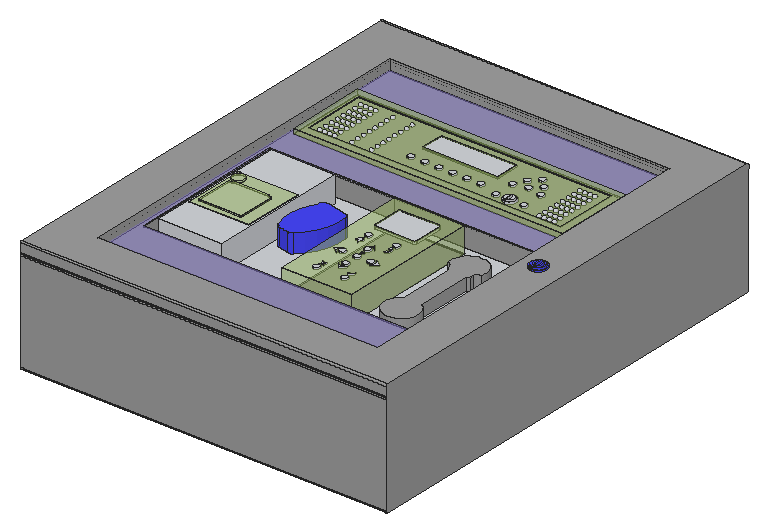
Revit family "Maxlogic Akıllı Adresli Yangın Alarm Santralı büyük kasa NPTA", category Fire Alarm Devices, host Face, Revit 2021 (continued)
Forms (mm)
  Extrusion 152, solid
    sketch origin (-360, 0, -50) x (1, 0, 0) y (0, 0, 1)
      loop
        arc (574.511, 96.743) -> (574.427, 95.036) -> (574.511, 93.33) r 17.356
        line (574.511, 93.33) -> (575.838, 93.33)
        arc (575.838, 93.33) -> (586.7, 84.067) -> (597.562, 93.33) r 11
        line (597.562, 93.33) -> (598.889, 93.33)
        arc (598.889, 93.33) -> (598.973, 95.036) -> (598.889, 96.743) r 17.356
        line (598.889, 96.743) -> (597.572, 96.743)
        arc (597.572, 96.743) -> (586.7, 106.067) -> (575.828, 96.743) r 11
    from -403.653 to -401.7
  Extrusion 153, solid
    sketch origin (-400, 0, -50) x (1, 0, 0) y (0, 0, 1)
      loop
        line (575.828, 96.743) -> (574.511, 96.743)
        arc (574.511, 96.743) -> (574.427, 95.036) -> (574.511, 93.33) r 17.356
        line (574.511, 93.33) -> (575.838, 93.33)
        arc (575.838, 93.33) -> (586.7, 84.067) -> (597.562, 93.33) r 11
        line (597.562, 93.33) -> (598.889, 93.33)
        arc (598.889, 93.33) -> (598.973, 95.036) -> (598.889, 96.743) r 17.356
        line (598.889, 96.743) -> (597.572, 96.743)
        arc (597.572, 96.743) -> (586.7, 106.067) -> (575.828, 96.743) r 11
    from -403.653 to -401.7
  Extrusion 154, solid
    sketch origin (-440, 0, -50) x (1, 0, 0) y (0, 0, 1)
      loop
        line (575.828, 96.743) -> (574.511, 96.743)
        arc (574.511, 96.743) -> (574.427, 95.036) -> (574.511, 93.33) r 17.356
        line (574.511, 93.33) -> (575.838, 93.33)
        arc (575.838, 93.33) -> (586.7, 84.067) -> (597.562, 93.33) r 11
        line (597.562, 93.33) -> (598.889, 93.33)
        arc (598.889, 93.33) -> (598.973, 95.036) -> (598.889, 96.743) r 17.356
        line (598.889, 96.743) -> (597.572, 96.743)
        arc (597.572, 96.743) -> (586.7, 106.067) -> (575.828, 96.743) r 11
    from -403.653 to -401.7
  Extrusion 155, solid
    sketch origin (-480, 0, 0) x (1, 0, 0) y (0, 0, 1)
      loop
        line (575.828, 96.743) -> (574.511, 96.743)
        arc (574.511, 96.743) -> (574.427, 95.036) -> (574.511, 93.33) r 17.356
        line (574.511, 93.33) -> (575.838, 93.33)
        arc (575.838, 93.33) -> (586.7, 84.067) -> (597.562, 93.33) r 11
        line (597.562, 93.33) -> (598.889, 93.33)
        arc (598.889, 93.33) -> (598.973, 95.036) -> (598.889, 96.743) r 17.356
        line (598.889, 96.743) -> (597.572, 96.743)
        arc (597.572, 96.743) -> (586.7, 106.067) -> (575.828, 96.743) r 11
    from -403.653 to -401.7
  Extrusion 156, solid
    sketch origin (-480, 0, -50) x (1, 0, 0) y (0, 0, 1)
      loop
        line (575.828, 96.743) -> (574.511, 96.743)
        arc (574.511, 96.743) -> (574.427, 95.036) -> (574.511, 93.33) r 17.356
        line (574.511, 93.33) -> (575.838, 93.33)
        arc (575.838, 93.33) -> (586.7, 84.067) -> (597.562, 93.33) r 11
        line (597.562, 93.33) -> (598.889, 93.33)
        arc (598.889, 93.33) -> (598.973, 95.036) -> (598.889, 96.743) r 17.356
        line (598.889, 96.743) -> (597.572, 96.743)
        arc (597.572, 96.743) -> (586.7, 106.067) -> (575.828, 96.743) r 11
    from -403.653 to -401.7
  Extrusion 157, solid
    sketch origin (-520, 0, 0) x (1, 0, 0) y (0, 0, 1)
      loop
        line (575.828, 96.743) -> (574.511, 96.743)
        arc (574.511, 96.743) -> (574.427, 95.036) -> (574.511, 93.33) r 17.356
        line (574.511, 93.33) -> (575.838, 93.33)
        arc (575.838, 93.33) -> (586.7, 84.067) -> (597.562, 93.33) r 11
        line (597.562, 93.33) -> (598.889, 93.33)
        arc (598.889, 93.33) -> (598.973, 95.036) -> (598.889, 96.743) r 17.356
        line (598.889, 96.743) -> (597.572, 96.743)
        arc (597.572, 96.743) -> (586.7, 106.067) -> (575.828, 96.743) r 11
    from -403.653 to -401.7
  Extrusion 158, solid
    sketch origin (-520, 0, -50) x (1, 0, 0) y (0, 0, 1)
      loop
        line (575.828, 96.743) -> (574.511, 96.743)
        arc (574.511, 96.743) -> (574.427, 95.036) -> (574.511, 93.33) r 17.356
        line (574.511, 93.33) -> (575.838, 93.33)
        arc (575.838, 93.33) -> (586.7, 84.067) -> (597.562, 93.33) r 11
        line (597.562, 93.33) -> (598.889, 93.33)
        arc (598.889, 93.33) -> (598.973, 95.036) -> (598.889, 96.743) r 17.356
        line (598.889, 96.743) -> (597.572, 96.743)
        arc (597.572, 96.743) -> (586.7, 106.067) -> (575.828, 96.743) r 11
    from -403.653 to -401.7
Cuts and joins
  Extrusion 6, Extrusion 8, Extrusion 108 cuts Extrusion 1
  Extrusion 8, Extrusion 106 cuts Extrusion 7
  Extrusion 110 cuts Extrusion 109
Dimensions and locks
  aligned and locked: plane 2 to host face
  aligned and locked: level to host face
Connectors
  electrical at (326.654, 387.95, 183.35)
    settings: on cut or joined group of Extrusion 1, Extrusion 6, Extrusion 8, Extrusion 108, index 1, voltage 0 V, apparent load 0 VA, apparent load phase1 0 VA, apparent load phase2 0 VA, apparent load phase3 0 VA, power factor 1, load classification "Other", number of poles 1, system type 31, power factor state 1, is connector primary yes, connector utility no, sub classification motor no, connector description ""
Types (18, lengths in mm): name | Product Code | Description
  (no name) | "ML-1250.NPTA" | "Akıllı Adresli Yangın Alarm Santralı, Çevrimsiz, Network,Printer, Telefon, Anons"
  Maxlogic Akıllı Adresli Yangın Alarm Santralı, Çevrimsiz, Network,Printer, Telefon, Anons | "ML-1250.NPTA" | "Akıllı Adresli Yangın Alarm Santralı, Çevrimsiz, Network,Printer, Telefon, Anons"
  Maxlogic Akıllı Adresli Yangın Alarm Santralı, 1 Çevrim, 127 Adres, Network,Printer, Telefon, Anons | "ML-1251.NPTA" | "Akıllı Adresli Yangın Alarm Santralı, 1 Çevrim, 127 Adres, Network,Printer, Telefon, Anons"
  Maxlogic Akıllı Adresli Yangın Alarm Santralı, 2 Çevrim, 254 Adres, Network,Printer, Telefon, Anons | "ML-1252.NPTA" | "Akıllı Adresli Yangın Alarm Santralı, 2 Çevrim, 254 Adres, Network,Printer, Telefon, Anons"
  Maxlogic Akıllı Adresli Yangın Alarm Santralı, 3 Çevrim, 381 Adres, Network,Printer, Telefon, Anons | "ML-1253.NPTA" | "Akıllı Adresli Yangın Alarm Santralı, 3 Çevrim, 381 Adres, Network,Printer, Telefon, Anons"
  Maxlogic Akıllı Adresli Yangın Alarm Santralı, 4 Çevrim, 508 Adres, Network,Printer, Telefon, Anons | "ML-1254.NPTA" | "Akıllı Adresli Yangın Alarm Santralı, 4 Çevrim, 508 Adres, Network,Printer, Telefon, Anons"
  Maxlogic Akıllı Adresli Yangın Alarm Santralı, 5 Çevrim, 635 Adres, Network,Printer, Telefon, Anons | "ML-1255.NPTA" | "Akıllı Adresli Yangın Alarm Santralı, 5 Çevrim, 635 Adres, Network,Printer, Telefon, Anons"
  Maxlogic Akıllı Adresli Yangın Alarm Santralı, 6 Çevrim, 762 Adres, Network,Printer, Telefon, Anons | "ML-1256.NPTA" | "Akıllı Adresli Yangın Alarm Santralı, 6 Çevrim, 762 Adres, Network,Printer, Telefon, Anons"
  Maxlogic Akıllı Adresli Yangın Alarm Santralı, 7 Çevrim, 889 Adres, Network,Printer, Telefon, Anons | "ML-1257.NPTA" | "Akıllı Adresli Yangın Alarm Santralı, 7 Çevrim, 889 Adres, Network,Printer, Telefon, Anons"
  Maxlogic Akıllı Adresli Yangın Alarm Santralı, 8 Çevrim, 1016 Adres, Network,Printer, Telefon, Anons | "ML-1258.NPTA" | "Akıllı Adresli Yangın Alarm Santralı, 8 Çevrim, 1016 Adres, Network,Printer, Telefon, Anons"
  Maxlogic Akıllı Adresli Yangın Alarm Santralı, 9 Çevrim, 1143 Adres, Network,Printer, Telefon, Anons | "ML-1259.NPTA" | "Akıllı Adresli Yangın Alarm Santralı, 9 Çevrim, 1143 Adres, Network,Printer, Telefon, Anons"
  Maxlogic Akıllı Adresli Yangın Alarm Santralı, 10 Çevrim, 1270 Adres, Network,Printer, Telefon, Anons | "ML-12510.NPTA" | "Akıllı Adresli Yangın Alarm Santralı, 10 Çevrim, 1270 Adres, Network,Printer, Telefon, Anons"
  Maxlogic Akıllı Adresli Yangın Alarm Santralı, 11 Çevrim, 1397 Adres, Network,Printer, Telefon, Anons | "ML-12511.NPTA" | "Akıllı Adresli Yangın Alarm Santralı, 11 Çevrim, 1397 Adres, Network,Printer, Telefon, Anons"
  Maxlogic Akıllı Adresli Yangın Alarm Santralı, 12 Çevrim, 1524 Adres, Network,Printer, Telefon, Anons | "ML-12512.NPTA" | "Akıllı Adresli Yangın Alarm Santralı, 12 Çevrim, 1524 Adres, Network,Printer, Telefon, Anons"
  Maxlogic Akıllı Adresli Yangın Alarm Santralı, 13 Çevrim, 1651 Adres, Network,Printer, Telefon, Anons | "ML-12513.NPTA" | "Akıllı Adresli Yangın Alarm Santralı, 13 Çevrim, 1651 Adres, Network,Printer, Telefon, Anons"
  Maxlogic Akıllı Adresli Yangın Alarm Santralı, 14 Çevrim, 1778 Adres, Network,Printer, Telefon, Anons | "ML-12514.NPTA" | "Akıllı Adresli Yangın Alarm Santralı, 14 Çevrim, 1778 Adres, Network,Printer, Telefon, Anons"
  Maxlogic Akıllı Adresli Yangın Alarm Santralı, 15 Çevrim, 1905 Adres, Network,Printer, Telefon, Anons | "ML-12515.NPTA" | "Akıllı Adresli Yangın Alarm Santralı, 15 Çevrim, 1778 Adres, Network,Printer, Telefon, Anons"
  Maxlogic Akıllı Adresli Yangın Alarm Santralı, 16 Çevrim, 2032 Adres, Network,Printer, Telefon, Anons | "ML-12516.NPTA" | "Akıllı Adresli Yangın Alarm Santralı, 16 Çevrim, 2032 Adres, Network,Printer, Telefon, Anons"
